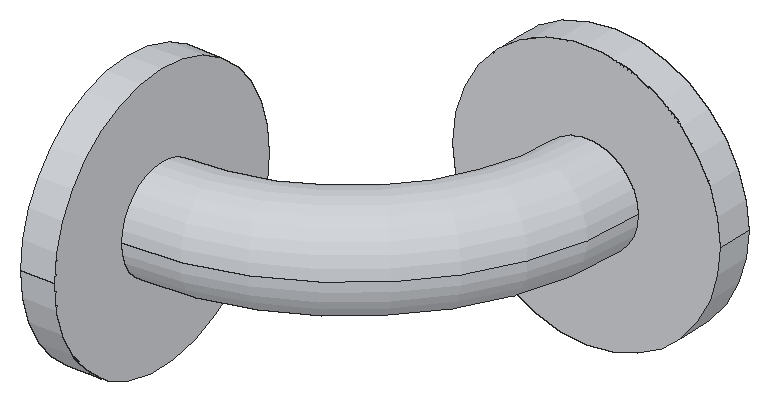
Revit family "M_Cotovelo de raio longo - Flange - GI - Classe 250", category Conexões de tubo, Revit 2019
Family settings
  Cota do conector redondo = Usar raio
  Tipo de parte = Cotovelo
  Número OmniClass = 23.60.30.11.14
  Título OmniClass = Pipework Fittings
  ID de item do Seek = Elbow Long Radius - Flanged - GI - Class 250-0000-CAN-ENU
  Com base no plano de trabalho = Não
  Sempre na vertical = Sim
  Corte com vazios quando carregada = Não
  Compartilhado = Não
Parameters (values of type "Padrão")
  Espessura da parede [instance] = size_lookup(Nome da tabela de pesquisa, "WThk", 0.06 * Diâmetro nominal + 9.624 mm, Diâmetro nominal)  # 11.1 mm
  Método de perda = Coeficiente K da tabela
  Nome da tabela de pesquisa = "M_Elbow Long Radius - Flanged - GI - Class 250"
  Comprimento 5 [instance] = Comprimento 1 * sin(Ângulo)  # 127 mm
  Comprimento 4 [instance] = Comprimento 1 + Comprimento 1 * cos(Ângulo)  # 127 mm
  Tamanho da marca de revisão [instance] = Diâmetro da flange * 0.4  # 49.6 mm
  Espessura da face elevada [instance] = 1.587 mm  # constant formula
  Raio da face elevada [instance] = Diâmetro da face elevada / 2  # 34 mm
  Diâmetro da face elevada [instance] = size_lookup(Nome da tabela de pesquisa, "RFD", 1.2 * Diâmetro nominal + 50.899 mm, Diâmetro nominal)  # 68 mm
  Comprimento 3 [instance] = Espessura do flange - Espessura da face elevada  # 15.912 mm
  Tabela de coeficiente K = "Cotovelo regular flangeado 90 e 180"
  Raio externo da conexão [instance] = Diâmetro externo da conexão / 2  # 23.6 mm
  Diâmetro externo da conexão [instance] = Diâmetro interno da conexão + Espessura da parede * 2  # 47.2 mm
  Comprimento 2 [instance] = (Raio externo da conexão + 0.794 mm) * tan(Ângulo / 2) + Espessura do flange  # 41.894 mm
  Raio nominal [instance] = 12.5 mm
  Diâmetro nominal [instance] = Raio nominal * 2  # 25 mm
  Diâmetro interno da conexão [instance] = size_lookup(Nome da tabela de pesquisa, "FID", 0.97 * Diâmetro nominal + 2.58 mm, Diâmetro nominal)  # 25 mm
  Comprimento 1 [instance] = if(Centro à face > Raio externo da conexão * tan(Ângulo / 2) + Espessura do flange, Centro à face, Comprimento 2)  # 127 mm
  Centro à face [instance] = size_lookup(Nome da tabela de pesquisa, "CtF", 1.27 * Diâmetro nominal + 99.318 mm, Diâmetro nominal)  # 127 mm
  Raio do centro [instance] = (Comprimento 1 - Espessura do flange) / tan(Ângulo / 2)  # 109.5 mm
  Espessura do flange [instance] = size_lookup(Nome da tabela de pesquisa, "FThk", 0.08 * Diâmetro nominal + 21.53 mm, Diâmetro nominal)  # 17.5 mm
  Raio da flange [instance] = Diâmetro da flange / 2  # 62 mm
  Diâmetro da flange [instance] = size_lookup(Nome da tabela de pesquisa, "FDia", 1.34 * Diâmetro nominal + 106.362 mm, Diâmetro nominal)  # 124 mm
  Assembly Code = ""
  Ângulo [instance] = 90.00°
Reference planes
  plane 1 "Centro (Frente/Trás)": y = 0
  plane 2: z = 0
  plane 3 "Centro (Esquerda/Direita)": x = 0
  plane 4: x = -109.5
  plane 5: x = -127
  plane 6: y = 109.5
  plane 7: y = 49.6
  plane 8: y = -49.6
  plane 9: x = -109.5
  plane 10: x = -125.412
  plane 11: y = 127
  plane 12: x = 0
Forms (mm)
  Sweep 1, solid, detail levels fine
    path in 3D
      loop
        arc (-109.5, 0, 0) -> (-32.072, 32.072, 0) -> (0, 109.5, 0) r 109.5
    profile origin (-32.072, 32.072, 0) x (-0.707107, 0.707107, 0) y (0, 0, 1)
      loop
        circle (0, 0) r 23.6
  Sweep 2, solid, detail levels fine
    path in 3D
      loop
        line (-125.412, 0, 0) -> (-109.5, 0, 0)
    profile origin (-117.456, 0, 0) x (0, 1, 0) y (0, 0, 1)
      loop
        circle (0, 0) r 62
  Sweep 3, solid, detail levels fine
    path in 3D
      loop
        line (0, 109.5, 0) -> (0, 125.412, 0)
    profile origin (0, 117.456, 0) x (-1, 0, 0) y (0, 0, 1)
      loop
        circle (0, 0) r 62
  Sweep 4, solid, detail levels fine
    path in 3D
      loop
        line (-127, 0, 0) -> (-125.412, 0, 0)
    profile origin (-126.206, 0, 0) x (0, 1, 0) y (0, 0, 1)
      loop
        circle (0, 0) r 34
  Sweep 5, solid, detail levels fine
    path in 3D
      loop
        line (0, 127, 0) -> (0, 125.412, 0)
    profile origin (0, 126.206, 0) x (1, 0, 0) y (0, 0, 1)
      loop
        circle (0, 0) r 34
Cuts and joins
  joined: Sweep 1, Sweep 2, Sweep 3, Sweep 4, Sweep 5
Lines and regions (mm)
  model lines, detail levels coarse+medium
    curve 1: line (-125.412, 0, 0) -> (-109.5, 0, 0)
    curve 2: arc (-109.5, 0, 0) -> (-32.072, 32.072, 0) -> (0, 109.5, 0) r 109.5
    curve 3: line (0, 109.5, 0) -> (0, 125.412, 0)
    curve 8: line (-127, 0, 0) -> (-127, 49.6, 0)
    curve 9: line (-127, 0, 0) -> (-127, -49.6, 0)
    curve 10: line (-127, 0, 0) -> (-125.412, 0, 0)
    curve 13: line (0, 127, 0) -> (-49.6, 127, 0)
    curve 14: line (0, 127, 0) -> (49.6, 127, 0)
    curve 15: line (0, 127, 0) -> (0, 125.412, 0)
  sketch lines
    curve 4: arc (-109.5, 0, 0) -> (-32.072, 32.072, 0) -> (0, 109.5, 0) r 109.5
    curve 5: line (-125.412, 0, 0) -> (-109.5, 0, 0)
    curve 6: line (0, 109.5, 0) -> (0, 125.412, 0)
    curve 11: line (-127, 0, 0) -> (-125.412, 0, 0)
    curve 16: line (0, 127, 0) -> (0, 125.412, 0)
  reference lines
    curve 7: line (-127, 0, 0) -> (-109.5, 0, 0)
    curve 12: line (0, 127, 0) -> (0, 109.5, 0)
Dimensions and locks
  "Raio do centro": plane 6 to plane 1 "Centro (Frente/Trás)"
  "Espessura do flange": plane 5 to plane 4
  "Tamanho da marca de revisão": plane 7 to plane 1 "Centro (Frente/Trás)"
  "Tamanho da marca de revisão": plane 8 to plane 1 "Centro (Frente/Trás)"
  "Comprimento 3": curve 3 to curve 3
  locked: plane 5 to plane 9 at 17.5
  "Comprimento 1": plane 5 to plane 3 "Centro (Esquerda/Direita)"
  "Espessura da face elevada": plane 5 to plane 10
  "Comprimento 5": plane 11 to plane 1 "Centro (Frente/Trás)"
  "Comprimento 4": plane 5 to plane 12
  locked: curve 12 to curve 12 at 17.5
  "Tamanho da marca de revisão": curve 13 to curve 13
  "Tamanho da marca de revisão": curve 14 to curve 14
  "Espessura da face elevada": curve 15 to curve 15
  "Raio do centro": radius of curve 2
  "Raio externo da conexão": radius of Sweep 1 sketch curve
  "Raio da flange": radius of Sweep 2 sketch curve
  "Raio da flange": radius of Sweep 3 sketch curve
  "Raio da face elevada": radius of Sweep 4 sketch curve
  "Raio da face elevada": radius of Sweep 5 sketch curve
  "Ângulo": angle curve 2 to curve 2
  "Ângulo": angle plane 1 "Centro (Frente/Trás)" to curve 3
  "Ângulo": angle plane 1 "Centro (Frente/Trás)" to curve 12
  "Ângulo": angle plane 3 "Centro (Esquerda/Direita)" to curve 13
  "Ângulo": angle plane 3 "Centro (Esquerda/Direita)" to curve 14
  "Ângulo": angle plane 1 "Centro (Frente/Trás)" to curve 15
  aligned and locked: plane 4 to curve 2
  aligned and locked: plane 5 to curve 7
  aligned and locked: plane 9 to curve 7
  aligned and locked: plane 1 "Centro (Frente/Trás)" to curve 7
  aligned and locked: plane 7 to curve 8
  aligned and locked: plane 1 "Centro (Frente/Trás)" to curve 9
  aligned and locked: plane 8 to curve 9
  aligned and locked: plane 10 to curve 1
  aligned and locked: plane 5 to curve 10
  aligned and locked: plane 12 to curve 12
  aligned and locked: plane 11 to curve 12
  aligned and locked: plane 11 to curve 15
Automatic sketch dimensions
  Sweep 1 sketch curve to profile plane = 0 mm  (x2)
  Sweep 2 sketch curve to profile plane = 0 mm  (x2)
  Sweep 3 sketch curve to profile plane = 0 mm  (x2)
  Sweep 4 sketch curve to profile plane = 0 mm  (x2)
  Sweep 5 sketch curve to profile plane = 0 mm  (x2)
Connectors
  piping at (-127, 0, 0), diameter 25, driven by "Raio nominal", driven by "Ângulo"
    settings: on cut or joined group of Sweep 1, Sweep 2, Sweep 3, Sweep 4, Sweep 5, index 1, connector inside diameter 25 mm, connector length 0 mm, flow factor 0, pipe flow 0.0 L/s, pressure drop 0.0 Pa, fitting loss kfactor 0, connector angle 90.00°, fixture units 0, engagement length 0 mm, angle of deflection 0.00°, flow configuration 0, flow direction 0, fitting loss method 0, system type 28, joint type 0, gender type 0, connector reference index 2, connector utility 0, adjustable connector no, is connector primary yes, connector description ""
  piping at (0, 127, 0), diameter 25, driven by "Raio nominal", driven by "Ângulo"
    settings: on cut or joined group of Sweep 1, Sweep 2, Sweep 3, Sweep 4, Sweep 5, index 2, connector inside diameter 25 mm, connector length 0 mm, flow factor 0, pipe flow 0.0 L/s, pressure drop 0.0 Pa, fitting loss kfactor 0, connector angle 90.00°, fixture units 0, engagement length 0 mm, angle of deflection 0.00°, flow configuration 0, flow direction 0, fitting loss method 0, system type 28, joint type 0, gender type 0, connector reference index 1, connector utility 0, adjustable connector no, is connector primary no, connector description ""
